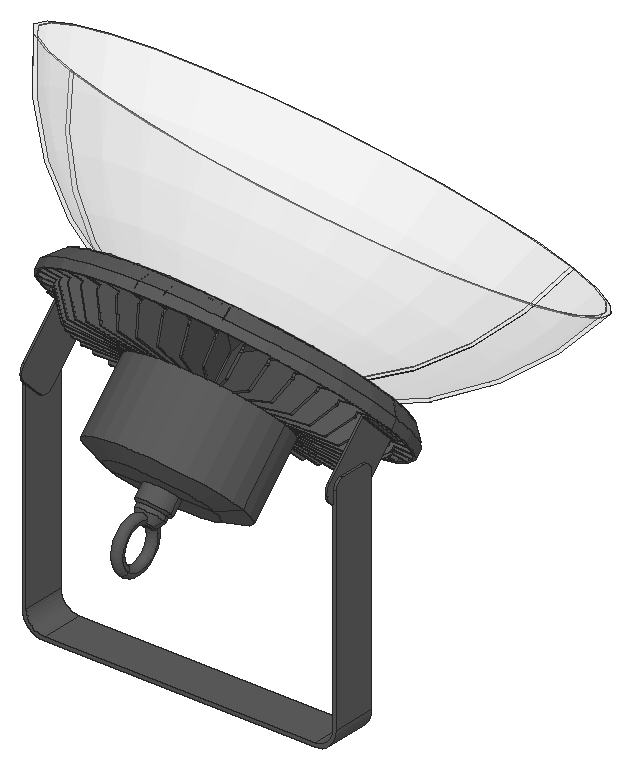
Revit family "0039350+0039353+0039358 Feilo Sylvania Lighting Fixture START HIGHBAY 6K 13KLM WIDE with BRACKET and PC LAMPSHADE TRANSPARENT", category Lighting Fixtures, host Face, Revit 2017
Family settings
  Host = Face
  Round Connector Dimension = Use Diameter
  Part Type = Normal
  OmniClass Number = 23.80.70.00
  OmniClass Title = Lighting
  Cut with Voids When Loaded = No
  Light Source = No
  Shared = No
  Room Calculation Point = No
Parameters (values of type "0039350+0039353+0039358 START HIGHBAY 6K 13KLM WIDE with BRACKET and PC LAMPSHADE TRANSPARENT ")
  Weight = "3.0 kg"
  Wattage Comments = ""
  WarrantyStartDate [instance] = "n/a"
  WarrantyGuarantorParts = "n/a"
  WarrantyDurationUnit = "n/a"
  WarrantyDurationParts = "n/a"
  WarrantyDescription = "n/a"
  Voltage = 230 V
  URL = "http://www.sylvania-lighting.com"
  TypeName = "START HIGHBAY 6K 13KLM WIDE with BRACKET and PC LAMPSHADE TRANSPARENT"
  TypeHead_FEILO = Start LED Highbay Head : 0039350+0039353+0039358 START HIGHBAY 6K 13KLM WIDE with BRACKET and PC LAMPSHADE TRANSPARENT 
  Type Image = <None>
  Type Comments = "n/a"
  TiltAngle_FEILO [instance] = 45.00°
  ThicknessBracketPlate_FEILO = 3 mm
  SizeBracketS_FEILO = yes
  SizeBracketM_FEILO = no
  SerialNumber [instance] = "n/a"
  RadiusBracketTop_FEILO = 7 mm
  RadiusBendOut_FEILO = if(SizeBracketS_FEILO, 18 mm, if(SizeBracketM_FEILO, 24 mm, 28 mm))  # 18 mm
  RadiusBendIn_FEILO = RadiusBendOut_FEILO - ThicknessBracketPlate_FEILO  # 15 mm
  Material_3_FEILO = none
  PowerFactor = 0.95
  PowerConsumption = "100 W"
  NominalLength = 270 mm
  NominalHeight = 170 mm
  NominalDepth = 270 mm
  Name = "START HIGHBAY 6K 13KLM WIDE with BRACKET and PC LAMPSHADE TRANSPARENT"
  ModelReference = Name  # "START HIGHBAY 6K 13KLM WIDE with BRACKET and PC LAMPSHADE TRANSPARENT"
  ModelNumber = "0039350+0039353+0039358"
  Model = Name  # "START HIGHBAY 6K 13KLM WIDE with BRACKET and PC LAMPSHADE TRANSPARENT"
  Material = "aluminium alloy housing, polycarbonate diffuser"
  ManufacturerName = "Feilo Sylvania"
  Manufacturer = "Feilo Sylvania"
  LuminousEfficacy = "130 lm/W"
  LuminaireType = ""
  LightOutputRatio = "n/a"
  LampsType = Lamp  # "LED"
  LampNominalLuminous = "13000 lm"
  LampMacAdamStep = "n/a"
  LampColourTemperature = "6500 K"
  LampColourRenderingIndex = "80"
  Lamp = "LED"
  Keynote = "16500"
  InstallationDate [instance] = "n/a"
  InputVoltage = "220-240V~"
  InputNominalFrequency = "50/60 Hz"
  IngressProtection = "IP65"
  ImpactProtectionIndex = "IK08"
  IfcExportType = "IfcLightFixtureType"
  IfcExportAs = "IfcLightFixtureType"
  ExpectedLife = 50000
  EndAngle_FEILO [instance] = TiltAngle_FEILO + 180.00°  # 225.00°
  ElectricShockClassification = "Class I"
  DurationUnit = "hours"
  DocumentationLiterature = "http://www.sylvania-lighting.com/product/en-int/products/0039350"
  DimmingControlOptions = "n/a"
  Material_2_FEILO = none
  Description = "START HIGHBAY, includes 1 m cables, black aluminium housing, 13000LM, 100W, 130lm/W, 6500K, Driver current: 2140mA, CR80, 60° beam angle, 1-10V dimmable,  IP65, IK08, 50,000 hrs (L70B50), (LxWxH) 270x270x170mm"
  Default Elevation = 1219.2 mm
  CreatedOn = "2/28/2018"
  CreatedBy = ""
  Cost = 0
  built-in parameter 1114216 [instance] = (empty or 0)
  ClassificationValue = "EF_70_80"
  ClassificationName = "Uniclass2015"
  Material_1_FEILO = Body-Sylvania-StartHighbay-Black
  BracketHeight_FEILO = if(SizeBracketS_FEILO, 199.5 mm, if(SizeBracketM_FEILO, 209.6 mm, 201.3 mm))  # 199.5 mm
  BracketDistanceInner_FEILO = if(SizeBracketS_FEILO, 249.4 mm, if(SizeBracketM_FEILO, 273.6 mm, 313.2 mm))  # 249.4 mm
  BarCode [instance] = "n/a"
  AssetType = "Fixed"
  AssetIdentifier [instance] = "n/a"
  Assembly Code = "D5020200"
  Apparent Load = 100 VA
  Material_4_FEILO = none
Reference planes
  plane 1 "Center (Front/Back)": y = 0
  plane 2: z = 0
  plane 3 "Center (Left/Right)": x = 0
  plane 4: x = -127.7
  plane 5: x = 127.7
  plane 6: z = 199.5
  plane 7: x = -124.7
  plane 8: z = 3
  plane 9: x = 124.7
  plane 10: y = 17.5
  plane 11: y = -17.5
  plane 12: y = -19.5
  plane 13: z = 201.5
  plane 14: y = 19.5
  plane 15: z = 190.5
Forms (mm)
  Extrusion 1, solid, material "Body-Sylvania-StartHighbay-Black" <- "Material_1_FEILO"
    sketch origin (0, 0, 0) x (1, 0, 0) y (0, 0, 1)
      loop
        line (-127.7, 199.5) -> (-127.7, 18)
        arc (-127.7, 18) -> (-122.428, 5.272) -> (-109.7, 0) r 18
        line (-109.7, 0) -> (109.7, 0)
        arc (109.7, 0) -> (122.428, 5.272) -> (127.7, 18) r 18
        line (127.7, 18) -> (127.7, 199.5) -> (124.7, 199.5) -> (124.7, 18)
        arc (124.7, 18) -> (120.307, 7.393) -> (109.7, 3) r 15
        line (109.7, 3) -> (-109.7, 3)
        arc (-109.7, 3) -> (-120.307, 7.393) -> (-124.7, 18) r 15
        line (-124.7, 18) -> (-124.7, 199.5) -> (-127.7, 199.5)
    from -17.5 to 17.5
  Extrusion 2, void
    sketch origin (0, 0, 0) x (0, 1, 0) y (0, 0, 1)
      loop
        arc (10.5, 199.5) -> (15.45, 197.45) -> (17.5, 192.5) r 7
        line (17.5, 192.5) -> (19.5, 192.5) -> (19.5, 201.5) -> (-19.5, 201.5) -> (-19.5, 192.5) -> (-17.5, 192.5)
        arc (-17.5, 192.5) -> (-15.45, 197.45) -> (-10.5, 199.5) r 7
        line (-10.5, 199.5) -> (10.5, 199.5)
    from -127.7 to 127.7
  Revolve 3, solid, not visible
    sketch origin (1223.4, -4572, 190.5) x (0, -1, 0) y (1, 0, 0)
      loop
        line (-4572, -1223.4) -> (-4591.5, -1223.4) -> (-4591.5, -1277.783) -> (-4572, -1277.783) -> (-4572, -1223.4)
      axis (-4572, -1223.4) -> (-4572, -1277.783)
    angle from 45 <- "TiltAngle_FEILO" to 225 <- "EndAngle_FEILO"
Cuts and joins
  Extrusion 2 cuts Extrusion 1
Dimensions and locks
  "BracketHeight_FEILO": plane 6 to plane 2
  equal spacing: plane 11, plane 1 "Center (Front/Back)", plane 10
  locked: plane 11 to plane 10 at 35
  equal spacing: plane 9, plane 3 "Center (Left/Right)", plane 7
  "BracketDistanceInner_FEILO": plane 9 to plane 7
  "ThicknessBracketPlate_FEILO": plane 7 to plane 4
  "ThicknessBracketPlate_FEILO": plane 8 to plane 2
  equal spacing: plane 5, plane 3 "Center (Left/Right)", plane 4
  equal spacing: plane 12, plane 1 "Center (Front/Back)", plane 14
  locked: plane 6 to plane 13 at 2
  locked: plane 12 to plane 11 at 2
  locked: plane 6 to plane 15 at 9
  "RadiusBendOut_FEILO": radius of Extrusion 1 sketch curve  (x2)
  "RadiusBendIn_FEILO": radius of Extrusion 1 sketch curve  (x2)
  "RadiusBracketTop_FEILO": radius of Extrusion 2 sketch curve  (x2)
  aligned and locked: plane 2 to host face
  aligned and locked: level to host face
  aligned and locked: Extrusion 1 sketch curve to plane 4
  aligned and locked: Extrusion 1 sketch curve to level
  aligned and locked: plane 6 to Extrusion 1 sketch curve
  aligned and locked: Extrusion 1 sketch curve to plane 6
  aligned and locked: Extrusion 1 sketch curve to plane 7
  aligned and locked: plane 9 to Extrusion 1 sketch curve
  aligned and locked: plane 8 to Extrusion 1 sketch curve
  aligned and locked: Extrusion 1 to plane 10
  aligned and locked: plane 11 to Extrusion 1
  aligned and locked: Extrusion 1 to Extrusion 2 sketch curve
  aligned and locked: plane 14 to Extrusion 2 sketch curve  (x2)
  aligned and locked: Extrusion 2 sketch curve to plane 12
  aligned and locked: plane 13 to Extrusion 2 sketch curve
  aligned and locked: plane 5 to Extrusion 2
  aligned and locked: Extrusion 2 to plane 4
  aligned and locked: Revolve 3 sketch curve to plane 1 "Center (Front/Back)"
  aligned and locked: Revolve 3 sketch curve to Revolve 3 sketch curve
  aligned and locked: plane 3 "Center (Left/Right)" to Revolve 3 sketch curve
  aligned and locked: Revolve 3 sketch curve to plane 14
  aligned and locked: nested 1 to plane 3 "Center (Left/Right)"
Automatic sketch dimensions
  host sketch curve to host sketch curve = 2438.4 mm  (x2)
  Revolve 3 sketch curve to Revolve 3 sketch curve = 54.383 mm
  Revolve 3 sketch curve to plane 4 = 1396.3 mm
  plane 5 to Revolve 3 sketch curve = 1396.3 mm
  Extrusion 1 sketch curve to Extrusion 1 sketch curve = 0 mm
  Extrusion 2 sketch curve to plane 11 = 0 mm
  Extrusion 2 sketch curve to plane 10 = 0 mm
Nested families
  nested 1: "Start LED Highbay Head" at (0, 0, 190.5) x (-1, 0, 0) z (0, 0.7071, 0.7071), type <- "TypeHead_FEILO", type "0039350+0039353+0039358 START HIGHBAY 6K 13KLM WIDE with BRACKET and PC LAMPSHADE TRANSPARENT "
    with built-in parameter 1114216 (empty or 0)
Connectors
  electrical at (0, 0, 0), driven by "Apparent Load", driven by "PowerFactor", driven by "Voltage"
    settings: index 1, voltage 230 V, apparent load 100 VA, apparent load phase1 0 VA, apparent load phase2 0 VA, apparent load phase3 0 VA, power factor 0.95, load classification "Lighting", number of poles 1, system type 30, power factor state 1, is connector primary yes, connector utility no, sub classification motor no, connector description ""
Definition of nested family "Start LED Highbay Head"
  Parameters (values of type "0039351+0039354+0039358 START HIGHBAY 6K 19KLM WIDE with BRACKET and PC LAMPSHADE TRANSPARENT ")
    X_FEILO = if(SizeS_FEILO, 60.3 mm, if(SizeM_FEILO, 70.4 mm, 83.5 mm))  # 70.4 mm
    WidthStraight_FEILO = if(SizeS_FEILO, 3 mm, if(SizeM_FEILO, 4 mm, 4.7 mm))  # 4 mm
    WidthRingChamfer_FEILO = if(SizeS_FEILO, 10.3 mm, if(SizeM_FEILO, 11.2 mm, 12.9 mm))  # 11.2 mm
    WidthCurved_FEILO = if(SizeS_FEILO, 17.4 mm, if(SizeM_FEILO, 16.4 mm, 26.2 mm))  # 16.4 mm
    WidthCurvedRing_FEILO = if(SizeS_FEILO, 3 mm, if(SizeM_FEILO, 4 mm, 4.7 mm))  # 4 mm
    WidthBracket_FEILO = 40 mm
    Wattage Comments = ""
    Wattage = 150 W
    built-in parameter 1150110 = 1 (stored number, unit not read)
    URL = "http://www.feilosylvania.com"
    Type Image = (empty or 0)
    Type Comments = "n/a"
    built-in parameter 1114217 = 1 (stored number, unit not read)
    Tilt Angle = -90.00°
    ThicknessWall_FEILO = 1.5 mm
    ThicknessBracket_FEILO = 1.5 mm
    ThicknessBracketHalf_FEILO = ThicknessBracket_FEILO / 2  # 0.75 mm
    built-in parameter 1150109 = 1 (stored number, unit not read)
    built-in parameter 1150134 = 1
    built-in parameter 1150113 = 1 (stored number, unit not read)
    SizeS_FEILO = no
    SizeM_FEILO = yes
    ShadeThickness_FEILO = 3 mm
    ShadeSizeSM_FEILO = or(SizeS_FEILO, SizeM_FEILO)  # yes
    ShadeRadiusOut_FEILO = 205 mm
    ShadeRadiusIn_FEILO = if(ShadeSizeSM_FEILO, 95 mm, 121 mm)  # 95 mm
    ShadeRadiusBend_FEILO = if(ShadeSizeSM_FEILO, 210 mm, 210 mm)  # 210 mm
    ShadeOn_FEILO = yes
    ShadeHeight_FEILO = if(ShadeSizeSM_FEILO, 120 mm, 151 mm)  # 120 mm
    Rib4_FEILO = if(SizeS_FEILO, 18.1 mm, if(SizeM_FEILO, 13.6 mm, 14.6 mm))  # 13.6 mm
    Rib3_FEILO = if(SizeS_FEILO, 15.3 mm, if(SizeM_FEILO, 17.6 mm, 20.2 mm))  # 17.6 mm
    Rib2_FEILO = if(SizeS_FEILO, 3.6 mm, if(SizeM_FEILO, 3.9 mm, 4.5 mm))  # 3.9 mm
    Rib1_FEILO = if(SizeS_FEILO, 15.1 mm, if(SizeM_FEILO, 16.5 mm, 19 mm))  # 16.5 mm
    RadiusDiffuser_FEILO = if(SizeS_FEILO, 95.2 mm, if(SizeM_FEILO, 105.3 mm, 120 mm))  # 105.3 mm
    RadiusArrayPost_FEILO = DriverRadius_FEILO - 6 mm  # 61.2 mm
    RHRadius3_FEILO = if(SizeS_FEILO, 6.6 mm, if(SizeM_FEILO, 7.4 mm, 8.6 mm))  # 7.4 mm
    RHRadius2_FEILO = if(SizeS_FEILO, 11 mm, if(SizeM_FEILO, 12 mm, 14 mm))  # 12 mm
    RHRadius1_FEILO = if(SizeS_FEILO, 13.6 mm, if(SizeM_FEILO, 14.9 mm, 17.7 mm))  # 14.9 mm
    RHHeight4_FEILO = if(SizeS_FEILO, 7.3 mm, if(SizeM_FEILO, 8 mm, 9.2 mm))  # 8 mm
    RHHeight3_FEILO = if(SizeS_FEILO, 3.6 mm, if(SizeM_FEILO, 3.7 mm, 4.6 mm))  # 3.7 mm
    RHHeight2_FEILO = if(SizeS_FEILO, 2 mm, if(SizeM_FEILO, 2.2 mm, 2.6 mm))  # 2.2 mm
    RHHeight1_FEILO = if(SizeS_FEILO, 11.8 mm, if(SizeM_FEILO, 15.3 mm, 17.4 mm))  # 15.3 mm
    Photometric Web File = "0039351+0039358.ies"
    Material_5_FEILO = none
    Material_3_FEILO = none
    Model = "START HIGHBAY 6K 19KLM WIDE with BRACKET and PC LAMPSHADE TRANSPARENT"
    Manufacturer = "Feilo Sylvania"
    built-in parameter 1150105 = 10854.2 (stored number, unit not read)
    Lumens = 19500 lm
    built-in parameter 1150115 = 1 (stored number, unit not read)
    built-in parameter 1150137 = (empty or 0)
    built-in parameter 1150139 = (empty or 0)
    built-in parameter 1150112 = 1 (stored number, unit not read)
    built-in parameter 1150114 = 1 (stored number, unit not read)
    Lamp = "LED"
    Keynote = "16500"
    built-in parameter 1150132 = (empty or 0)
    built-in parameter 1150102 = (empty or 0)
    built-in parameter 1150107 = 6500 (stored number, unit not read)
    built-in parameter 1150138 = (empty or 0)
    built-in parameter 1150106 = 108.54 (stored number, unit not read)
    HeightRing_FEILO = if(SizeS_FEILO, 19.8 mm, if(SizeM_FEILO, 32 mm, 36.8 mm))  # 32 mm
    HeightRingChamfer_FEILO = if(SizeS_FEILO, 11.7 mm, if(SizeM_FEILO, 23.2 mm, 26.6 mm))  # 23.2 mm
    EyeThickness_FEILO = if(SizeS_FEILO, 8.4 mm, if(SizeM_FEILO, 9.2 mm, 10.5 mm))  # 9.2 mm
    EyeThicknessHalf_FEILO = EyeThickness_FEILO / 2  # 4.6 mm
    EyeInner_FEILO = if(SizeS_FEILO, 13.8 mm, if(SizeM_FEILO, 15.1 mm, 17.3 mm))  # 15.1 mm
    Emit from Circle Diameter = RadiusDiffuser_FEILO * 2  # 210.6 mm
    Emit Shape Visible in Rendering = no
    built-in parameter 1150104 = 12.077 (stored number, unit not read)
    DriverVerticalStraight_FEILO = if(SizeS_FEILO, 46.5 mm, if(SizeM_FEILO, 49.7 mm, 57 mm))  # 49.7 mm
    DriverVerticalChamfer_FEILO = if(SizeS_FEILO, 7.5 mm, if(SizeM_FEILO, 8.2 mm, 9.5 mm))  # 8.2 mm
    DriverRadius_FEILO = if(SizeS_FEILO, 61.4 mm, if(SizeM_FEILO, 67.2 mm, 76.4 mm))  # 67.2 mm
    DriverRadiusTop_FEILO = if(SizeS_FEILO, 42 mm, if(SizeM_FEILO, 45.3 mm, 52.4 mm))  # 45.3 mm
    DriverBottom_FEILO = if(SizeS_FEILO, 56 mm, if(SizeM_FEILO, 64.5 mm, 74 mm))  # 64.5 mm
    Material_2_FEILO = none
    Radius_FEILO = if(SizeS_FEILO, 135 mm, if(SizeM_FEILO, 148 mm, 169.5 mm))  # 148 mm
    Dimming Lamp Color Temperature Shift = (empty or 0)
    DiameterWire_FEILO = 3 mm
    DiameterWireSupport_FEILO = 10 mm
    Description = "START HIGHBAY, includes 1 m cables, black aluminium housing, 19500LM, 150W, 130lm/W, 6500K, Driver current: 2140mA, CR80, 60° beam angle, 1-10V dimmable,  IP65, IK08, 50,000 hrs (L70B50), (LxWxH) 296x296x177mm"
    Default Elevation = 1219.2 mm
    Cost = 0
    Color Filter = 16777215
    built-in parameter 1114216 [instance] = (empty or 0)
    Material_1_FEILO = none
    built-in parameter 1114218 = 1 (stored number, unit not read)
    built-in parameter 1150133 = 10 (stored number, unit not read)
    Assembly Code = "D5020200"
    Apparent Load = 150 VA
    Material_4_FEILO = none
  Types (36, lengths in mm): name | X_FEILO | WidthStraight_FEILO | WidthRingChamfer_FEILO | WidthCurved_FEILO | WidthCurvedRing_FEILO | Wattage | built-in parameter 1150134 | SizeS_FEILO | SizeM_FEILO | ShadeSizeSM_FEILO | ShadeRadiusIn_FEILO | ShadeOn_FEILO | ShadeHeight_FEILO | Rib4_FEILO | Rib3_FEILO | Rib2_FEILO | Rib1_FEILO | RadiusDiffuser_FEILO | RadiusArrayPost_FEILO | RHRadius3_FEILO | RHRadius2_FEILO | RHRadius1_FEILO | RHHeight4_FEILO | RHHeight3_FEILO | RHHeight2_FEILO | RHHeight1_FEILO | Photometric Web File | Model | built-in parameter 1150105 | Lumens | built-in parameter 1150107 | built-in parameter 1150106 | HeightRing_FEILO | HeightRingChamfer_FEILO | EyeThickness_FEILO | EyeThicknessHalf_FEILO | EyeInner_FEILO | Emit from Circle Diameter | DriverVerticalStraight_FEILO | DriverVerticalChamfer_FEILO | DriverRadius_FEILO | DriverRadiusTop_FEILO | DriverBottom_FEILO | Radius_FEILO | Description | Apparent Load
    0039352+0039355+0039361 START HIGHBAY 6K 26KLM WIDE with BRACKET and PC LAMPSHADE TRANSPARENT | 83.5 | 4.7 | 12.9 | 26.2 | 4.7 | 200 W | 1 | no | no | no | 121 | yes | 151 | 14.6 | 20.2 | 4.5 | 19 | 120 | 70.4 | 8.6 | 14 | 17.7 | 9.2 | 4.6 | 2.6 | 17.4 | "0039352+0039361.ies" | "START HIGHBAY 6K 26KLM WIDE with BRACKET and PC LAMPSHADE TRANSPARENT" | 17911 (stored number, unit not read) | 26000 lm | 6500 (stored number, unit not read) | 179.11 (stored number, unit not read) | 36.8 | 26.6 | 10.5 | 5.25 | 17.3 | 240 | 57 | 9.5 | 76.4 | 52.4 | 74 | 169.5 | "START HIGHBAY, includes 1 m cables, black aluminium housing, 26000LM, 200W, 130lm/W, 6500K, Driver current: 5000mA, CR80, 60° beam angle, 1-10V dimmable,  IP65, IK08, 50,000 hrs (L70B50), (LxWxH) 339x339x194mm" | 200 VA
    0039352+0039355+0039360 START HIGHBAY 6K 26KLM WIDE with BRACKET and ALU SHADE BLACK COLOR | 83.5 | 4.7 | 12.9 | 26.2 | 4.7 | 200 W | 1 | no | no | no | 121 | yes | 151 | 14.6 | 20.2 | 4.5 | 19 | 120 | 70.4 | 8.6 | 14 | 17.7 | 9.2 | 4.6 | 2.6 | 17.4 | "0039352+0039360.ies" | "START HIGHBAY 6K 26KLM WIDE with BRACKET and ALU SHADE BLACK COLOR" | 14870 (stored number, unit not read) | 26000 lm | 6500 (stored number, unit not read) | 148.7 (stored number, unit not read) | 36.8 | 26.6 | 10.5 | 5.25 | 17.3 | 240 | 57 | 9.5 | 76.4 | 52.4 | 74 | 169.5 | "START HIGHBAY, includes 1 m cables, black aluminium housing, 26000LM, 200W, 130lm/W, 6500K, Driver current: 5000mA, CR80, 60° beam angle, 1-10V dimmable,  IP65, IK08, 50,000 hrs (L70B50), (LxWxH) 339x339x194mm" | 200 VA
    0039352+0039355+0039359 START HIGHBAY 6K 26KLM WIDE with BRACKET and ALU SHADE ALU COLOR | 83.5 | 4.7 | 12.9 | 26.2 | 4.7 | 200 W | 1 | no | no | no | 121 | yes | 151 | 14.6 | 20.2 | 4.5 | 19 | 120 | 70.4 | 8.6 | 14 | 17.7 | 9.2 | 4.6 | 2.6 | 17.4 | "0039352+0039359.ies" | "START HIGHBAY 6K 26KLM WIDE with BRACKET and ALU SHADE ALU COLOR" | 14870 (stored number, unit not read) | 26000 lm | 6500 (stored number, unit not read) | 148.7 (stored number, unit not read) | 36.8 | 26.6 | 10.5 | 5.25 | 17.3 | 240 | 57 | 9.5 | 76.4 | 52.4 | 74 | 169.5 | "START HIGHBAY, includes 1 m cables, black aluminium housing, 26000LM, 200W, 130lm/W, 6500K, Driver current: 5000mA, CR80, 60° beam angle, 1-10V dimmable,  IP65, IK08, 50,000 hrs (L70B50), (LxWxH) 339x339x194mm" | 200 VA
    0039352+0039355 START HIGHBAY 6K 26KLM WIDE with BRACKET | 83.5 | 4.7 | 12.9 | 26.2 | 4.7 | 200 W | 1 | no | no | no | 121 | no | 151 | 14.6 | 20.2 | 4.5 | 19 | 120 | 70.4 | 8.6 | 14 | 17.7 | 9.2 | 4.6 | 2.6 | 17.4 | "0039352.ies" | "START HIGHBAY 6K 26KLM WIDE with BRACKET" | 13836.2 (stored number, unit not read) | 26000 lm | 6500 (stored number, unit not read) | 138.36 (stored number, unit not read) | 36.8 | 26.6 | 10.5 | 5.25 | 17.3 | 240 | 57 | 9.5 | 76.4 | 52.4 | 74 | 169.5 | "START HIGHBAY, includes 1 m cables, black aluminium housing, 26000LM, 200W, 130lm/W, 6500K, Driver current: 5000mA, CR80, 60° beam angle, 1-10V dimmable,  IP65, IK08, 50,000 hrs (L70B50), (LxWxH) 339x339x194mm" | 200 VA
    0039351+0039354+0039358 START HIGHBAY 6K 19KLM WIDE with BRACKET and PC LAMPSHADE TRANSPARENT | 70.4 | 4 | 11.2 | 16.4 | 4 | 150 W | 1 | no | yes | yes | 95 | yes | 120 | 13.6 | 17.6 | 3.9 | 16.5 | 105.3 | 61.2 | 7.4 | 12 | 14.9 | 8 | 3.7 | 2.2 | 15.3 | "0039351+0039358.ies" | "START HIGHBAY 6K 19KLM WIDE with BRACKET and PC LAMPSHADE TRANSPARENT" | 10854.2 (stored number, unit not read) | 19500 lm | 6500 (stored number, unit not read) | 108.54 (stored number, unit not read) | 32 | 23.2 | 9.2 | 4.6 | 15.1 | 210.6 | 49.7 | 8.2 | 67.2 | 45.3 | 64.5 | 148 | "START HIGHBAY, includes 1 m cables, black aluminium housing, 19500LM, 150W, 130lm/W, 6500K, Driver current: 2140mA, CR80, 60° beam angle, 1-10V dimmable,  IP65, IK08, 50,000 hrs (L70B50), (LxWxH) 296x296x177mm" | 150 VA
    0039351+0039354+0039357 START HIGHBAY 6K 19KLM WIDE with BRACKET and ALU SHADE BLACK COLOR | 70.4 | 4 | 11.2 | 16.4 | 4 | 150 W | 1 | no | yes | yes | 95 | yes | 120 | 13.6 | 17.6 | 3.9 | 16.5 | 105.3 | 61.2 | 7.4 | 12 | 14.9 | 8 | 3.7 | 2.2 | 15.3 | "0039351+0039357.ies" | "START HIGHBAY 6K 19KLM WIDE with BRACKET and ALU SHADE BLACK COLOR" | 11152.5 (stored number, unit not read) | 19500 lm | 6500 (stored number, unit not read) | 111.52 (stored number, unit not read) | 32 | 23.2 | 9.2 | 4.6 | 15.1 | 210.6 | 49.7 | 8.2 | 67.2 | 45.3 | 64.5 | 148 | "START HIGHBAY, includes 1 m cables, black aluminium housing, 19500LM, 150W, 130lm/W, 6500K, Driver current: 2140mA, CR80, 60° beam angle, 1-10V dimmable,  IP65, IK08, 50,000 hrs (L70B50), (LxWxH) 296x296x177mm" | 150 VA
    0039351+0039354+0039356 START HIGHBAY 6K 19KLM WIDE with BRACKET and ALU SHADE ALU COLOR | 70.4 | 4 | 11.2 | 16.4 | 4 | 150 W | 1 | no | yes | yes | 95 | yes | 120 | 13.6 | 17.6 | 3.9 | 16.5 | 105.3 | 61.2 | 7.4 | 12 | 14.9 | 8 | 3.7 | 2.2 | 15.3 | "0039351+0039356.ies" | "START HIGHBAY 6K 19KLM WIDE with BRACKET and ALU SHADE ALU COLOR" | 11152.5 (stored number, unit not read) | 19500 lm | 6500 (stored number, unit not read) | 111.52 (stored number, unit not read) | 32 | 23.2 | 9.2 | 4.6 | 15.1 | 210.6 | 49.7 | 8.2 | 67.2 | 45.3 | 64.5 | 148 | "START HIGHBAY, includes 1 m cables, black aluminium housing, 19500LM, 150W, 130lm/W, 6500K, Driver current: 2140mA, CR80, 60° beam angle, 1-10V dimmable,  IP65, IK08, 50,000 hrs (L70B50), (LxWxH) 296x296x177mm" | 150 VA
    0039351+0039354 START HIGHBAY 6K 19KLM WIDE with BRACKET | 70.4 | 4 | 11.2 | 16.4 | 4 | 150 W | 1 | no | yes | yes | 95 | no | 120 | 13.6 | 17.6 | 3.9 | 16.5 | 105.3 | 61.2 | 7.4 | 12 | 14.9 | 8 | 3.7 | 2.2 | 15.3 | "0039351.ies" | "START HIGHBAY 6K 19KLM WIDE with BRACKET" | 10377.1 (stored number, unit not read) | 19500 lm | 6500 (stored number, unit not read) | 103.77 (stored number, unit not read) | 32 | 23.2 | 9.2 | 4.6 | 15.1 | 210.6 | 49.7 | 8.2 | 67.2 | 45.3 | 64.5 | 148 | "START HIGHBAY, includes 1 m cables, black aluminium housing, 19500LM, 150W, 130lm/W, 6500K, Driver current: 2140mA, CR80, 60° beam angle, 1-10V dimmable,  IP65, IK08, 50,000 hrs (L70B50), (LxWxH) 296x296x177mm" | 150 VA
    0039350+0039353+0039358 START HIGHBAY 6K 13KLM WIDE with BRACKET and PC LAMPSHADE TRANSPARENT | 60.3 | 3 | 10.3 | 17.4 | 3 | 100 W | 1 | yes | no | yes | 95 | yes | 120 | 18.1 | 15.3 | 3.6 | 15.1 | 95.2 | 55.4 | 6.6 | 11 | 13.6 | 7.3 | 3.6 | 2 | 11.8 | "0039350+0039358.ies" | "START HIGHBAY 6K 13KLM WIDE with BRACKET and PC LAMPSHADE TRANSPARENT" | 7236.1 (stored number, unit not read) | 13000 lm | 6500 (stored number, unit not read) | 72.361 (stored number, unit not read) | 19.8 | 11.7 | 8.4 | 4.2 | 13.8 | 190.4 | 46.5 | 7.5 | 61.4 | 42 | 56 | 135 | "START HIGHBAY, includes 1 m cables, black aluminium housing, 13000LM, 100W, 130lm/W, 6500K, Driver current: 2140mA, CR80, 60° beam angle, 1-10V dimmable,  IP65, IK08, 50,000 hrs (L70B50), (LxWxH) 270x270x170mm" | 100 VA
    0039350+0039353+0039357 START HIGHBAY 6K 13KLM WIDE with BRACKET and ALU SHADE BLACK COLOR | 60.3 | 3 | 10.3 | 17.4 | 3 | 100 W | 1 | yes | no | yes | 95 | yes | 120 | 18.1 | 15.3 | 3.6 | 15.1 | 95.2 | 55.4 | 6.6 | 11 | 13.6 | 7.3 | 3.6 | 2 | 11.8 | "0039350+0039357.ies" | "START HIGHBAY 6K 13KLM WIDE with BRACKET and ALU SHADE BLACK COLOR" | 7435 (stored number, unit not read) | 13000 lm | 6500 (stored number, unit not read) | 74.35 (stored number, unit not read) | 19.8 | 11.7 | 8.4 | 4.2 | 13.8 | 190.4 | 46.5 | 7.5 | 61.4 | 42 | 56 | 135 | "START HIGHBAY, includes 1 m cables, black aluminium housing, 13000LM, 100W, 130lm/W, 6500K, Driver current: 2140mA, CR80, 60° beam angle, 1-10V dimmable,  IP65, IK08, 50,000 hrs (L70B50), (LxWxH) 270x270x170mm" | 100 VA
    0039350+0039353+0039356 START HIGHBAY 6K 13KLM WIDE with BRACKET and ALU SHADE ALU COLOR | 60.3 | 3 | 10.3 | 17.4 | 3 | 100 W | 1 | yes | no | yes | 95 | yes | 120 | 18.1 | 15.3 | 3.6 | 15.1 | 95.2 | 55.4 | 6.6 | 11 | 13.6 | 7.3 | 3.6 | 2 | 11.8 | "0039350+0039356.ies" | "START HIGHBAY 6K 13KLM WIDE with BRACKET and ALU SHADE ALU COLOR" | 7435 (stored number, unit not read) | 13000 lm | 6500 (stored number, unit not read) | 74.35 (stored number, unit not read) | 19.8 | 11.7 | 8.4 | 4.2 | 13.8 | 190.4 | 46.5 | 7.5 | 61.4 | 42 | 56 | 135 | "START HIGHBAY, includes 1 m cables, black aluminium housing, 13000LM, 100W, 130lm/W, 6500K, Driver current: 2140mA, CR80, 60° beam angle, 1-10V dimmable,  IP65, IK08, 50,000 hrs (L70B50), (LxWxH) 270x270x170mm" | 100 VA
    0039350+0039353 START HIGHBAY 6K 13KLM WIDE with BRACKET | 60.3 | 3 | 10.3 | 17.4 | 3 | 100 W | 1 | yes | no | yes | 95 | no | 120 | 18.1 | 15.3 | 3.6 | 15.1 | 95.2 | 55.4 | 6.6 | 11 | 13.6 | 7.3 | 3.6 | 2 | 11.8 | "0039350.ies" | "START HIGHBAY 6K 13KLM WIDE with BRACKET" | 6918.1 (stored number, unit not read) | 13000 lm | 6500 (stored number, unit not read) | 69.181 (stored number, unit not read) | 19.8 | 11.7 | 8.4 | 4.2 | 13.8 | 190.4 | 46.5 | 7.5 | 61.4 | 42 | 56 | 135 | "START HIGHBAY, includes 1 m cables, black aluminium housing, 13000LM, 100W, 130lm/W, 6500K, Driver current: 2140mA, CR80, 60° beam angle, 1-10V dimmable,  IP65, IK08, 50,000 hrs (L70B50), (LxWxH) 270x270x170mm" | 100 VA
    0039349+0039355+0039361 START HIGHBAY 4K 26KLM WIDE with BRACKET and PC LAMPSHADE TRANSPARENT FOR | 83.5 | 4.7 | 12.9 | 26.2 | 4.7 | 200 W | 12 | no | no | no | 121 | yes | 151 | 14.6 | 20.2 | 4.5 | 19 | 120 | 70.4 | 8.6 | 14 | 17.7 | 9.2 | 4.6 | 2.6 | 17.4 | "0039349+0039361.ies" | "START HIGHBAY 4K 26KLM WIDE with BRACKET and PC LAMPSHADE TRANSPARENT FOR" | 17911 (stored number, unit not read) | 26000 lm | 4000 (stored number, unit not read) | 179.11 (stored number, unit not read) | 36.8 | 26.6 | 10.5 | 5.25 | 17.3 | 240 | 57 | 9.5 | 76.4 | 52.4 | 74 | 169.5 | "START HIGHBAY, includes 1 m cables, black aluminium housing, 26000LM, 200W, 130lm/W, 4000K, Driver current: 5000mA, CR80, 90° beam angle, 1-10V dimmable,  IP65, IK08, 50,000 hrs (L70B50), (LxWxH) 339x339x194mm" | 200 VA
    0039349+0039355+0039360 START HIGHBAY 4K 26KLM WIDE with BRACKET and ALU SHADE BLACK COLOR | 83.5 | 4.7 | 12.9 | 26.2 | 4.7 | 200 W | 12 | no | no | no | 121 | yes | 151 | 14.6 | 20.2 | 4.5 | 19 | 120 | 70.4 | 8.6 | 14 | 17.7 | 9.2 | 4.6 | 2.6 | 17.4 | "0039349+0039360.ies" | "START HIGHBAY 4K 26KLM WIDE with BRACKET and ALU SHADE BLACK COLOR" | 14870 (stored number, unit not read) | 26000 lm | 4000 (stored number, unit not read) | 148.7 (stored number, unit not read) | 36.8 | 26.6 | 10.5 | 5.25 | 17.3 | 240 | 57 | 9.5 | 76.4 | 52.4 | 74 | 169.5 | "START HIGHBAY, includes 1 m cables, black aluminium housing, 26000LM, 200W, 130lm/W, 4000K, Driver current: 5000mA, CR80, 90° beam angle, 1-10V dimmable,  IP65, IK08, 50,000 hrs (L70B50), (LxWxH) 339x339x194mm" | 200 VA
    0039349+0039355+0039359 START HIGHBAY 4K 26KLM WIDE with BRACKET and ALU SHADE ALU COLOR | 83.5 | 4.7 | 12.9 | 26.2 | 4.7 | 200 W | 12 | no | no | no | 121 | yes | 151 | 14.6 | 20.2 | 4.5 | 19 | 120 | 70.4 | 8.6 | 14 | 17.7 | 9.2 | 4.6 | 2.6 | 17.4 | "0039349+0039359.ies" | "START HIGHBAY 4K 26KLM WIDE with BRACKET and ALU SHADE ALU COLOR" | 14870 (stored number, unit not read) | 26000 lm | 4000 (stored number, unit not read) | 148.7 (stored number, unit not read) | 36.8 | 26.6 | 10.5 | 5.25 | 17.3 | 240 | 57 | 9.5 | 76.4 | 52.4 | 74 | 169.5 | "START HIGHBAY, includes 1 m cables, black aluminium housing, 26000LM, 200W, 130lm/W, 4000K, Driver current: 5000mA, CR80, 90° beam angle, 1-10V dimmable,  IP65, IK08, 50,000 hrs (L70B50), (LxWxH) 339x339x194mm" | 200 VA
    0039349+0039355 START HIGHBAY 4K 26KLM WIDE with BRACKET | 83.5 | 4.7 | 12.9 | 26.2 | 4.7 | 200 W | 12 | no | no | no | 121 | no | 151 | 14.6 | 20.2 | 4.5 | 19 | 120 | 70.4 | 8.6 | 14 | 17.7 | 9.2 | 4.6 | 2.6 | 17.4 | "0039349.ies" | "START HIGHBAY 4K 26KLM WIDE with BRACKET" | 13836.2 (stored number, unit not read) | 26000 lm | 4000 (stored number, unit not read) | 138.36 (stored number, unit not read) | 36.8 | 26.6 | 10.5 | 5.25 | 17.3 | 240 | 57 | 9.5 | 76.4 | 52.4 | 74 | 169.5 | "START HIGHBAY, includes 1 m cables, black aluminium housing, 26000LM, 200W, 130lm/W, 4000K, Driver current: 5000mA, CR80, 90° beam angle, 1-10V dimmable,  IP65, IK08, 50,000 hrs (L70B50), (LxWxH) 339x339x194mm" | 200 VA
    0039348+0039354+0039358 START HIGHBAY 4K 19KLM WIDE with BRACKET and PC LAMPSHADE TRANSPARENT | 70.4 | 4 | 11.2 | 16.4 | 4 | 150 W | 12 | no | yes | yes | 95 | yes | 120 | 13.6 | 17.6 | 3.9 | 16.5 | 105.3 | 61.2 | 7.4 | 12 | 14.9 | 8 | 3.7 | 2.2 | 15.3 | "0039348+0039358.ies" | "START HIGHBAY 4K 19KLM WIDE with BRACKET and PC LAMPSHADE TRANSPARENT" | 10854.2 (stored number, unit not read) | 19500 lm | 4000 (stored number, unit not read) | 108.54 (stored number, unit not read) | 32 | 23.2 | 9.2 | 4.6 | 15.1 | 210.6 | 49.7 | 8.2 | 67.2 | 45.3 | 64.5 | 148 | "START HIGHBAY, includes 1 m cables, black aluminium housing, 19500LM, 150W, 130lm/W, 4000K, Driver current: 3210mA, CR80, 90° beam angle, 1-10V dimmable,  IP65, IK08, 50,000 hrs (L70B50), (LxWxH) 296x296x177mm" | 150 VA
    0039348+0039354+0039357 START HIGHBAY 4K 19KLM WIDE with BRACKET and ALU SHADE BLACK COLOR | 70.4 | 4 | 11.2 | 16.4 | 4 | 150 W | 12 | no | yes | yes | 95 | yes | 120 | 13.6 | 17.6 | 3.9 | 16.5 | 105.3 | 61.2 | 7.4 | 12 | 14.9 | 8 | 3.7 | 2.2 | 15.3 | "0039348+0039357.ies" | "START HIGHBAY 4K 19KLM WIDE with BRACKET and ALU SHADE BLACK COLOR" | 11152.5 (stored number, unit not read) | 19500 lm | 4000 (stored number, unit not read) | 111.52 (stored number, unit not read) | 32 | 23.2 | 9.2 | 4.6 | 15.1 | 210.6 | 49.7 | 8.2 | 67.2 | 45.3 | 64.5 | 148 | "START HIGHBAY, includes 1 m cables, black aluminium housing, 19500LM, 150W, 130lm/W, 4000K, Driver current: 3210mA, CR80, 90° beam angle, 1-10V dimmable,  IP65, IK08, 50,000 hrs (L70B50), (LxWxH) 296x296x177mm" | 150 VA
    0039348+0039354+0039356 START HIGHBAY 4K 19KLM WIDE with BRACKET and ALU SHADE ALU COLOR | 70.4 | 4 | 11.2 | 16.4 | 4 | 150 W | 12 | no | yes | yes | 95 | yes | 120 | 13.6 | 17.6 | 3.9 | 16.5 | 105.3 | 61.2 | 7.4 | 12 | 14.9 | 8 | 3.7 | 2.2 | 15.3 | "0039348+0039356.ies" | "START HIGHBAY 4K 19KLM WIDE with BRACKET and ALU SHADE ALU COLOR" | 11152.5 (stored number, unit not read) | 19500 lm | 4000 (stored number, unit not read) | 111.52 (stored number, unit not read) | 32 | 23.2 | 9.2 | 4.6 | 15.1 | 210.6 | 49.7 | 8.2 | 67.2 | 45.3 | 64.5 | 148 | "START HIGHBAY, includes 1 m cables, black aluminium housing, 19500LM, 150W, 130lm/W, 4000K, Driver current: 3210mA, CR80, 90° beam angle, 1-10V dimmable,  IP65, IK08, 50,000 hrs (L70B50), (LxWxH) 296x296x177mm" | 150 VA
    0039348+0039354 START HIGHBAY 4K 19KLM WIDE with BRACKET | 70.4 | 4 | 11.2 | 16.4 | 4 | 150 W | 12 | no | yes | yes | 95 | no | 120 | 13.6 | 17.6 | 3.9 | 16.5 | 105.3 | 61.2 | 7.4 | 12 | 14.9 | 8 | 3.7 | 2.2 | 15.3 | "0039348.ies" | "START HIGHBAY 4K 19KLM WIDE with BRACKET" | 10377.1 (stored number, unit not read) | 19500 lm | 4000 (stored number, unit not read) | 103.77 (stored number, unit not read) | 32 | 23.2 | 9.2 | 4.6 | 15.1 | 210.6 | 49.7 | 8.2 | 67.2 | 45.3 | 64.5 | 148 | "START HIGHBAY, includes 1 m cables, black aluminium housing, 19500LM, 150W, 130lm/W, 4000K, Driver current: 3210mA, CR80, 90° beam angle, 1-10V dimmable,  IP65, IK08, 50,000 hrs (L70B50), (LxWxH) 296x296x177mm" | 150 VA
    0039347+0039353+0039358 START HIGHBAY 4K 13KLM WIDE with BRACKET and PC LAMPSHADE TRANSPARENT | 60.3 | 3 | 10.3 | 17.4 | 3 | 100 W | 12 | yes | no | yes | 95 | yes | 120 | 18.1 | 15.3 | 3.6 | 15.1 | 95.2 | 55.4 | 6.6 | 11 | 13.6 | 7.3 | 3.6 | 2 | 11.8 | "0039347+0039358.ies" | "START HIGHBAY 4K 13KLM WIDE with BRACKET and PC LAMPSHADE TRANSPARENT" | 7236.1 (stored number, unit not read) | 13000 lm | 4000 (stored number, unit not read) | 72.361 (stored number, unit not read) | 19.8 | 11.7 | 8.4 | 4.2 | 13.8 | 190.4 | 46.5 | 7.5 | 61.4 | 42 | 56 | 135 | "START HIGHBAY, includes 1 m cables, black aluminium housing, 13000LM, 100W, 130lm/W, 4000K, Driver current: 2140mA, CR80, 90° beam angle, 1-10V dimmable,  IP65, IK08, 50,000 hrs (L70B50), (LxWxH) 270x270x170mm" | 100 VA
    0039347+0039353+0039357 START HIGHBAY 4K 13KLM WIDE with BRACKET and ALU SHADE BLACK COLOR | 60.3 | 3 | 10.3 | 17.4 | 3 | 100 W | 12 | yes | no | yes | 95 | yes | 120 | 18.1 | 15.3 | 3.6 | 15.1 | 95.2 | 55.4 | 6.6 | 11 | 13.6 | 7.3 | 3.6 | 2 | 11.8 | "0039347+0039357.ies" | "START HIGHBAY 4K 13KLM WIDE with BRACKET and ALU SHADE BLACK COLOR" | 7435 (stored number, unit not read) | 13000 lm | 4000 (stored number, unit not read) | 74.35 (stored number, unit not read) | 19.8 | 11.7 | 8.4 | 4.2 | 13.8 | 190.4 | 46.5 | 7.5 | 61.4 | 42 | 56 | 135 | "START HIGHBAY, includes 1 m cables, black aluminium housing, 13000LM, 100W, 130lm/W, 4000K, Driver current: 2140mA, CR80, 90° beam angle, 1-10V dimmable,  IP65, IK08, 50,000 hrs (L70B50), (LxWxH) 270x270x170mm" | 100 VA
    0039347+0039353+0039356 START HIGHBAY 4K 13KLM WIDE with BRACKET and ALU SHADE ALU COLOR | 60.3 | 3 | 10.3 | 17.4 | 3 | 100 W | 12 | yes | no | yes | 95 | yes | 120 | 18.1 | 15.3 | 3.6 | 15.1 | 95.2 | 55.4 | 6.6 | 11 | 13.6 | 7.3 | 3.6 | 2 | 11.8 | "0039347+0039356.ies" | "START HIGHBAY 4K 13KLM WIDE with BRACKET and ALU SHADE ALU COLOR" | 7435 (stored number, unit not read) | 13000 lm | 4000 (stored number, unit not read) | 74.35 (stored number, unit not read) | 19.8 | 11.7 | 8.4 | 4.2 | 13.8 | 190.4 | 46.5 | 7.5 | 61.4 | 42 | 56 | 135 | "START HIGHBAY, includes 1 m cables, black aluminium housing, 13000LM, 100W, 130lm/W, 4000K, Driver current: 2140mA, CR80, 90° beam angle, 1-10V dimmable,  IP65, IK08, 50,000 hrs (L70B50), (LxWxH) 270x270x170mm" | 100 VA
    0039347+0039353 START HIGHBAY 4K 13KLM WIDE with BRACKET | 60.3 | 3 | 10.3 | 17.4 | 3 | 100 W | 12 | yes | no | yes | 95 | no | 120 | 18.1 | 15.3 | 3.6 | 15.1 | 95.2 | 55.4 | 6.6 | 11 | 13.6 | 7.3 | 3.6 | 2 | 11.8 | "0039347.ies" | "START HIGHBAY 4K 13KLM WIDE with BRACKET" | 6918.1 (stored number, unit not read) | 13000 lm | 4000 (stored number, unit not read) | 69.181 (stored number, unit not read) | 19.8 | 11.7 | 8.4 | 4.2 | 13.8 | 190.4 | 46.5 | 7.5 | 61.4 | 42 | 56 | 135 | "START HIGHBAY, includes 1 m cables, black aluminium housing, 13000LM, 100W, 130lm/W, 4000K, Driver current: 2140mA, CR80, 90° beam angle, 1-10V dimmable,  IP65, IK08, 50,000 hrs (L70B50), (LxWxH) 270x270x170mm" | 100 VA
    0039346+0039355+0039361 START HIGHBAY 4K 26KLM MEDIUM with BRACKET and PC LAMPSHADE TRANSPARENT | 83.5 | 4.7 | 12.9 | 26.2 | 4.7 | 200 W | 12 | no | no | no | 121 | yes | 151 | 14.6 | 20.2 | 4.5 | 19 | 120 | 70.4 | 8.6 | 14 | 17.7 | 9.2 | 4.6 | 2.6 | 17.4 | "0039346+0039361.ies" | "START HIGHBAY 4K 26KLM MEDIUM with BRACKET and PC LAMPSHADE TRANSPARENT" | 35142.4 (stored number, unit not read) | 26000 lm | 4000 (stored number, unit not read) | 351.42 (stored number, unit not read) | 36.8 | 26.6 | 10.5 | 5.25 | 17.3 | 240 | 57 | 9.5 | 76.4 | 52.4 | 74 | 169.5 | "START HIGHBAY, includes 1 m cables, black aluminium housing, 26000LM, 200W, 130lm/W, 4000K, Driver current: 5000mA, CR80, 60° beam angle, 1-10V dimmable,  IP65, IK08, 50,000 hrs (L70B50), (LxWxH) 339x339x194mm" | 200 VA
    0039346+0039355+0039360 START HIGHBAY 4K 26KLM MEDIUM with BRACKET and ALU SHADE BLACK COLOR | 83.5 | 4.7 | 12.9 | 26.2 | 4.7 | 200 W | 12 | no | no | no | 121 | yes | 151 | 14.6 | 20.2 | 4.5 | 19 | 120 | 70.4 | 8.6 | 14 | 17.7 | 9.2 | 4.6 | 2.6 | 17.4 | "0039346+0039360.ies" | "START HIGHBAY 4K 26KLM MEDIUM with BRACKET and ALU SHADE BLACK COLOR" | 35336 (stored number, unit not read) | 26000 lm | 4000 (stored number, unit not read) | 353.36 (stored number, unit not read) | 36.8 | 26.6 | 10.5 | 5.25 | 17.3 | 240 | 57 | 9.5 | 76.4 | 52.4 | 74 | 169.5 | "START HIGHBAY, includes 1 m cables, black aluminium housing, 26000LM, 200W, 130lm/W, 4000K, Driver current: 5000mA, CR80, 60° beam angle, 1-10V dimmable,  IP65, IK08, 50,000 hrs (L70B50), (LxWxH) 339x339x194mm" | 200 VA
    0039346+0039355+0039359 START HIGHBAY 4K 26KLM MEDIUM with BRACKET and ALU SHADE ALU COLOR | 83.5 | 4.7 | 12.9 | 26.2 | 4.7 | 200 W | 12 | no | no | no | 121 | yes | 151 | 14.6 | 20.2 | 4.5 | 19 | 120 | 70.4 | 8.6 | 14 | 17.7 | 9.2 | 4.6 | 2.6 | 17.4 | "0039346+0039359.ies" | "START HIGHBAY 4K 26KLM MEDIUM with BRACKET and ALU SHADE ALU COLOR" | 35336 (stored number, unit not read) | 26000 lm | 4000 (stored number, unit not read) | 353.36 (stored number, unit not read) | 36.8 | 26.6 | 10.5 | 5.25 | 17.3 | 240 | 57 | 9.5 | 76.4 | 52.4 | 74 | 169.5 | "START HIGHBAY, includes 1 m cables, black aluminium housing, 26000LM, 200W, 130lm/W, 4000K, Driver current: 5000mA, CR80, 60° beam angle, 1-10V dimmable,  IP65, IK08, 50,000 hrs (L70B50), (LxWxH) 339x339x194mm" | 200 VA
    0039346+0039355 START HIGHBAY 4K 26KLM MEDIUM with BRACKET | 83.5 | 4.7 | 12.9 | 26.2 | 4.7 | 200 W | 12 | no | no | no | 121 | no | 151 | 14.6 | 20.2 | 4.5 | 19 | 120 | 70.4 | 8.6 | 14 | 17.7 | 9.2 | 4.6 | 2.6 | 17.4 | "0039346.ies" | "START HIGHBAY 4K 26KLM MEDIUM with BRACKET" | 32161 (stored number, unit not read) | 26000 lm | 4000 (stored number, unit not read) | 321.61 (stored number, unit not read) | 36.8 | 26.6 | 10.5 | 5.25 | 17.3 | 240 | 57 | 9.5 | 76.4 | 52.4 | 74 | 169.5 | "START HIGHBAY, includes 1 m cables, black aluminium housing, 26000LM, 200W, 130lm/W, 4000K, Driver current: 5000mA, CR80, 60° beam angle, 1-10V dimmable,  IP65, IK08, 50,000 hrs (L70B50), (LxWxH) 339x339x194mm" | 200 VA
    0039345+0039354+0039358 START HIGHBAY 4K 19KLM MEDIUM with BRACKET and PC LAMPSHADE TRANSPARENT | 70.4 | 4 | 11.2 | 16.4 | 4 | 150 W | 12 | no | yes | yes | 95 | yes | 120 | 13.6 | 17.6 | 3.9 | 16.5 | 105.3 | 61.2 | 7.4 | 12 | 14.9 | 8 | 3.7 | 2.2 | 15.3 | "0039345+0039358.ies" | "START HIGHBAY 4K 19KLM MEDIUM with BRACKET and PC LAMPSHADE TRANSPARENT" | 24535.9 (stored number, unit not read) | 19500 lm | 4000 (stored number, unit not read) | 245.36 (stored number, unit not read) | 32 | 23.2 | 9.2 | 4.6 | 15.1 | 210.6 | 49.7 | 8.2 | 67.2 | 45.3 | 64.5 | 148 | "START HIGHBAY, includes 1 m cables, black aluminium housing, 19500LM, 150W, 130lm/W, 4000K, Driver current: 3210mA, CR80, 60° beam angle, 1-10V dimmable,  IP65, IK08, 50,000 hrs (L70B50), (LxWxH) 296x296x177mm" | 150 VA
    0039345+0039354+0039357 START HIGHBAY 4K 19KLM MEDIUM with BRACKET and ALU SHADE BLACK COLOR | 70.4 | 4 | 11.2 | 16.4 | 4 | 150 W | 12 | no | yes | yes | 95 | yes | 120 | 13.6 | 17.6 | 3.9 | 16.5 | 105.3 | 61.2 | 7.4 | 12 | 14.9 | 8 | 3.7 | 2.2 | 15.3 | "0039345+0039357.ies" | "START HIGHBAY 4K 19KLM MEDIUM with BRACKET and ALU SHADE BLACK COLOR" | 26502 (stored number, unit not read) | 19500 lm | 4000 (stored number, unit not read) | 265.02 (stored number, unit not read) | 32 | 23.2 | 9.2 | 4.6 | 15.1 | 210.6 | 49.7 | 8.2 | 67.2 | 45.3 | 64.5 | 148 | "START HIGHBAY, includes 1 m cables, black aluminium housing, 19500LM, 150W, 130lm/W, 4000K, Driver current: 3210mA, CR80, 60° beam angle, 1-10V dimmable,  IP65, IK08, 50,000 hrs (L70B50), (LxWxH) 296x296x177mm" | 150 VA
    0039345+0039354+0039356 START HIGHBAY 4K 19KLM MEDIUM with BRACKET and ALU SHADE ALU COLOR | 70.4 | 4 | 11.2 | 16.4 | 4 | 150 W | 12 | no | yes | yes | 95 | yes | 120 | 13.6 | 17.6 | 3.9 | 16.5 | 105.3 | 61.2 | 7.4 | 12 | 14.9 | 8 | 3.7 | 2.2 | 15.3 | "0039345+0039356.ies" | "START HIGHBAY 4K 19KLM MEDIUM with BRACKET and ALU SHADE ALU COLOR" | 26502 (stored number, unit not read) | 19500 lm | 4000 (stored number, unit not read) | 265.02 (stored number, unit not read) | 32 | 23.2 | 9.2 | 4.6 | 15.1 | 210.6 | 49.7 | 8.2 | 67.2 | 45.3 | 64.5 | 148 | "START HIGHBAY, includes 1 m cables, black aluminium housing, 19500LM, 150W, 130lm/W, 4000K, Driver current: 3210mA, CR80, 60° beam angle, 1-10V dimmable,  IP65, IK08, 50,000 hrs (L70B50), (LxWxH) 296x296x177mm" | 150 VA
    0039345+0039354 START HIGHBAY 4K 19KLM MEDIUM with BRACKET | 70.4 | 4 | 11.2 | 16.4 | 4 | 150 W | 12 | no | yes | yes | 95 | no | 120 | 13.6 | 17.6 | 3.9 | 16.5 | 105.3 | 61.2 | 7.4 | 12 | 14.9 | 8 | 3.7 | 2.2 | 15.3 | "0039345.ies" | "START HIGHBAY 4K 19KLM MEDIUM with BRACKET" | 24120.8 (stored number, unit not read) | 19500 lm | 4000 (stored number, unit not read) | 241.21 (stored number, unit not read) | 32 | 23.2 | 9.2 | 4.6 | 15.1 | 210.6 | 49.7 | 8.2 | 67.2 | 45.3 | 64.5 | 148 | "START HIGHBAY, includes 1 m cables, black aluminium housing, 19500LM, 150W, 130lm/W, 4000K, Driver current: 3210mA, CR80, 60° beam angle, 1-10V dimmable,  IP65, IK08, 50,000 hrs (L70B50), (LxWxH) 296x296x177mm" | 150 VA
    0039344+0039353+0039358 START HIGHBAY 4K 13KLM MEDIUM with BRACKET and PC LAMPSHADE TRANSPARENT | 60.3 | 3 | 10.3 | 17.4 | 3 | 100 W | 12 | yes | no | yes | 95 | yes | 120 | 18.1 | 15.3 | 3.6 | 15.1 | 95.2 | 55.4 | 6.6 | 11 | 13.6 | 7.3 | 3.6 | 2 | 11.8 | "0039344+0039358.ies" | "START HIGHBAY 4K 13KLM MEDIUM with BRACKET and PC LAMPSHADE TRANSPARENT" | 17571.2 (stored number, unit not read) | 13000 lm | 4000 (stored number, unit not read) | 175.71 (stored number, unit not read) | 19.8 | 11.7 | 8.4 | 4.2 | 13.8 | 190.4 | 46.5 | 7.5 | 61.4 | 42 | 56 | 135 | "START HIGHBAY, includes 1 m cables, black aluminium housing, 13000LM, 100W, 130lm/W, 4000K, Driver current: 2140mA, CR80, 60° beam angle, 1-10V dimmable,  IP65, IK08, 50,000 hrs (L70B50), (LxWxH) 270x270x170mm" | 100 VA
    0039344+0039353+0039357 START HIGHBAY 4K 13KLM MEDIUM with BRACKET and ALU SHADE BLACK COLOR | 60.3 | 3 | 10.3 | 17.4 | 3 | 100 W | 12 | yes | no | yes | 95 | yes | 120 | 18.1 | 15.3 | 3.6 | 15.1 | 95.2 | 55.4 | 6.6 | 11 | 13.6 | 7.3 | 3.6 | 2 | 11.8 | "0039344+0039357.ies" | "START HIGHBAY 4K 13KLM MEDIUM with BRACKET and ALU SHADE BLACK COLOR" | 17668 (stored number, unit not read) | 13000 lm | 4000 (stored number, unit not read) | 176.68 (stored number, unit not read) | 19.8 | 11.7 | 8.4 | 4.2 | 13.8 | 190.4 | 46.5 | 7.5 | 61.4 | 42 | 56 | 135 | "START HIGHBAY, includes 1 m cables, black aluminium housing, 13000LM, 100W, 130lm/W, 4000K, Driver current: 2140mA, CR80, 60° beam angle, 1-10V dimmable,  IP65, IK08, 50,000 hrs (L70B50), (LxWxH) 270x270x170mm" | 100 VA
    0039344+0039353+0039356 START HIGHBAY 4K 13KLM MEDIUM with BRACKET and ALU SHADE ALU COLOR | 60.3 | 3 | 10.3 | 17.4 | 3 | 100 W | 12 | yes | no | yes | 95 | yes | 120 | 18.1 | 15.3 | 3.6 | 15.1 | 95.2 | 55.4 | 6.6 | 11 | 13.6 | 7.3 | 3.6 | 2 | 11.8 | "0039344+0039356.ies" | "START HIGHBAY 4K 13KLM MEDIUM with BRACKET and ALU SHADE ALU COLOR" | 17668 (stored number, unit not read) | 13000 lm | 4000 (stored number, unit not read) | 176.68 (stored number, unit not read) | 19.8 | 11.7 | 8.4 | 4.2 | 13.8 | 190.4 | 46.5 | 7.5 | 61.4 | 42 | 56 | 135 | "START HIGHBAY, includes 1 m cables, black aluminium housing, 13000LM, 100W, 130lm/W, 4000K, Driver current: 2140mA, CR80, 60° beam angle, 1-10V dimmable,  IP65, IK08, 50,000 hrs (L70B50), (LxWxH) 270x270x170mm" | 100 VA
    0039344+0039353 START HIGHBAY 4K 13KLM MEDIUM with BRACKET | 60.3 | 3 | 10.3 | 17.4 | 3 | 100 W | 12 | yes | no | yes | 95 | no | 120 | 18.1 | 15.3 | 3.6 | 15.1 | 95.2 | 55.4 | 6.6 | 11 | 13.6 | 7.3 | 3.6 | 2 | 11.8 | "0039344.ies" | "START HIGHBAY 4K 13KLM MEDIUM with BRACKET" | 16080.5 (stored number, unit not read) | 13000 lm | 4000 (stored number, unit not read) | 160.81 (stored number, unit not read) | 19.8 | 11.7 | 8.4 | 4.2 | 13.8 | 190.4 | 46.5 | 7.5 | 61.4 | 42 | 56 | 135 | "START HIGHBAY, includes 1 m cables, black aluminium housing, 13000LM, 100W, 130lm/W, 4000K, Driver current: 2140mA, CR80, 60° beam angle, 1-10V dimmable,  IP65, IK08, 50,000 hrs (L70B50), (LxWxH) 270x270x170mm" | 100 VA
  Reference planes
    plane 1 "Center (Front/Back)": y = 0
    plane 2: z = 0
    plane 3 "Center (Left/Right)": x = 0
    plane 4: z = 70.4
    plane 5: x = -148
    plane 6: x = -136.8
    plane 7: z = 47.2
    plane 8: z = 38.4
    plane 9: x = -132.8
    plane 10: z = 67.775
    plane 11: x = -116.4
    plane 12: x = -105.3
    plane 13: x = -128.8
    plane 14: z = 68.775
    plane 15: z = 66.775
    plane 16: x = -102.3
    plane 17: z = 65.775
    plane 18: x = -146.5
    plane 19: x = -131.5
    plane 20: z = 34.5
    plane 21: x = -113.9
    plane 22: z = 20.9
    plane 23: x = -20
    plane 24: z = 5.9
    plane 25: x = -67.2
    plane 26: z = -43.8
    plane 27: x = -45.3
    plane 28: z = -52
    plane 29: x = -14.9
    plane 30: z = -67.3
    plane 31: z = -69.5
    plane 32: x = -12
    plane 33: z = -73.2
    plane 34: z = -81.2
    plane 35: x = -7.4
    plane 36: z = -96.3
    plane 37: z = -111.4
    plane 38: x = 4.6
    plane 39: x = -4.6
    plane 40: z = -120.6
    plane 41: z = -116
    plane 42: x = -141.65
    plane 43: x = -145.5
    plane 44: z = 36.9
    plane 45: x = -135.3
    plane 46: z = -18.95
    plane 47: y = -20
    plane 48: y = 20
    plane 49: x = 148
    plane 50: x = 136.8
    plane 51: x = 146.5
    plane 52: x = 141.65
    plane 53: x = 145.5
    plane 54: x = 135.3
    plane 55: x = -205
    plane 56: z = 190.4
    plane 57: x = -95
    plane 58: x = -87
    plane 59: x = -202
    plane 60: z = 73.4
  Forms (mm)
    Extrusion 1, solid
      sketch origin (4.2, 0, 0) x (1, 0, 0) y (0, 1, 0)
        loop
          line (-1219.2, 1219.2) -> (-1219.2, -1219.2) -> (1219.2, -1219.2) -> (1219.2, 1219.2) -> (-1219.2, 1219.2)
      from 0 to -68.017
    Revolve 2, solid, material <- "Material_1_FEILO", detail levels medium+fine
      sketch origin (0, 0, 0) x (1, 0, 0) y (0, 0, 1)
        loop
          line (-148, 38.4) -> (-146.5, 38.4) -> (-146.5, 46.857) -> (-136.402, 67.775) -> (-128.8, 67.775) -> (-128.8, 69.259)
          arc (-128.8, 69.259) -> (-130.811, 69.79) -> (-132.8, 70.4) r 52.543
          line (-132.8, 70.4) -> (-136.341, 70.4)
          arc (-136.341, 70.4) -> (-136.831, 70.225) -> (-137.099, 69.78) r 0.774
          line (-137.099, 69.78) -> (-148, 47.2) -> (-148, 38.4)
        axis (0, 70.4) -> (0, 38.4)
      angle from 360 to 0
    Revolve 3, solid, material <- "Material_1_FEILO", detail levels medium+fine
      sketch origin (0, 0, 0) x (1, 0, 0) y (0, 0, 1)
        loop
          line (-116.4, 65.775) -> (-105.3, 65.775) -> (-105.3, 47.2) -> (0, 47.2) -> (0, 65.775) -> (-102.3, 65.775) -> (-102.3, 66.775) -> (-105.3, 66.775) -> (-105.3, 67.775) -> (-116.4, 67.775) -> (-116.4, 65.775)
        axis (0, 67.775) -> (0, 47.2)
      angle from 360 to 0
    Revolve 4, solid, material <- "Material_2_FEILO", detail levels medium+fine
      sketch origin (0, 0, 0) x (1, 0, 0) y (0, 0, 1)
        loop
          line (-105.3, 66.775) -> (0, 66.775) -> (0, 68.775) -> (-105.3, 68.775) -> (-105.3, 66.775)
        axis (0, 68.775) -> (0, 66.775)
      angle from 360 to 0
    Revolve 5, solid, material <- "Material_1_FEILO"
      sketch origin (0, 0, 0) x (1, 0, 0) y (0, 0, 1)
        loop
          line (-67.2, 20.9) -> (-67.2, -43.8) -> (-45.3, -52) -> (-14.9, -52) -> (-14.9, -67.3) -> (-12, -69.5) -> (-12, -73.2) -> (-7.837, -80.474)
          arc (-7.837, -80.474) -> (-7.29, -81.006) -> (-6.553, -81.2) r 1.5
          line (-6.553, -81.2) -> (0, -81.2) -> (0, 20.9) -> (-67.2, 20.9)
        axis (0, 20.9) -> (0, -81.2)
      angle from 360 to 0
    Revolve 6, solid, material <- "Material_1_FEILO"
      sketch origin (0, 0, 0) x (1, 0, 0) y (0, 0, 1)
        loop
          circle (0, -116) r 4.6
        axis (4.6, -96.3) -> (-4.6, -96.3)
      angle from 360 to 0
    Extrusion 7, solid, material <- "Material_1_FEILO"
      sketch origin (0, 0, 0) x (1, 0, 0) y (0, 0, 1)
        loop
          line (-145.5, 38.4) -> (-145.5, 36.9) -> (-137.55, 36.9)
          arc (-137.55, 36.9) -> (-137.02, 36.68) -> (-136.8, 36.15) r 0.75
          line (-136.8, 36.15) -> (-136.8, -18.95) -> (-135.3, -18.95) -> (-135.3, 36.9)
          arc (-135.3, 36.9) -> (-135.739, 37.961) -> (-136.8, 38.4) r 1.5
          line (-136.8, 38.4) -> (-145.5, 38.4)
        loop
          line (145.5, 38.4) -> (136.8, 38.4)
          arc (136.8, 38.4) -> (135.739, 37.961) -> (135.3, 36.9) r 1.5
          line (135.3, 36.9) -> (135.3, -18.95) -> (136.8, -18.95) -> (136.8, 36.15)
          arc (136.8, 36.15) -> (137.02, 36.68) -> (137.55, 36.9) r 0.75
          line (137.55, 36.9) -> (145.5, 36.9) -> (145.5, 38.4)
      from -20 to 20
    Extrusion 8, void
      sketch origin (0, 0, 0) x (0, 1, 0) y (0, 0, 1)
        loop
          arc (-10, -18.95) -> (-17.071, -16.021) -> (-20, -8.95) r 10
          line (-20, -8.95) -> (-25, -8.95) -> (-25, -23.95) -> (-10, -23.95) -> (-10, -18.95)
        loop
          line (10, -18.95) -> (10, -23.95) -> (25, -23.95) -> (25, -8.95) -> (20, -8.95)
          arc (20, -8.95) -> (17.071, -16.021) -> (10, -18.95) r 10
      from -136.8 to 136.8
    Revolve 9, solid, material <- "Material_1_FEILO", detail levels coarse
      sketch origin (0, 0, 0) x (1, 0, 0) y (0, 0, 1)
        loop
          line (0, 70.4) -> (-136.8, 70.4) -> (-148, 47.2) -> (-148, 38.4) -> (-131.5, 38.4) -> (-131.5, 34.5) -> (-113.9, 20.9) -> (0, 20.9) -> (0, 70.4)
        axis (0, 70.4) -> (0, 20.9)
      angle from 360 to 0
    Revolve 10, solid, material <- "Material_4_FEILO", visible <- "ShadeOn_FEILO"
      sketch origin (0, 0, 0) x (1, 0, 0) y (0, 0, 1)
        loop
          line (-95, 70.4) -> (-87, 70.4) -> (-87, 73.4) -> (-94.341, 73.4)
          arc (-94.341, 73.4) -> (-159.747, 121.18) -> (-201.81, 190.4) r 207
          line (-201.81, 190.4) -> (-205, 190.4)
          arc (-205, 190.4) -> (-162.101, 119.308) -> (-95, 70.4) r 210
        axis (0, 190.4) -> (0, 70.4)
      angle from 360 to 0
  Cuts and joins
    Extrusion 8 cuts Extrusion 7
  Lines and regions (mm)
    reference lines
      curve 1: line (-148, 0, 47.2) -> (-136.8, 0, 70.4)
      curve 2: line (-116.4, 0, 67.775) -> (0, 0, 67.775)
      curve 3: arc (-116.4, 0, 67.775) -> (-124.704, 0, 68.435) -> (-132.8, 0, 70.4) r 52.543
      curve 4: line (-136.8, 0, 70.4) -> (-132.8, 0, 70.4)
      curve 5: line (-136.402, 0, 67.775) -> (-146.5, 0, 46.857)
      curve 6: line (-131.5, 0, 34.5) -> (-113.9, 0, 20.9)
      curve 7: line (-12, 0, -73.2) -> (-7.4, 0, -81.2)
      curve 8: circle (0, 0, -116) r 4.6 normal (0, -1, 0)
      curve 9: arc (-95, 0, 70.4) -> (-162.101, 0, 119.308) -> (-205, 0, 190.4) r 210
  Dimensions and locks
    "Radius_FEILO": plane 3 "Center (Left/Right)" to plane 5
    "WidthRingChamfer_FEILO": plane 6 to plane 5
    "WidthStraight_FEILO": plane 9 to plane 6
    "WidthCurvedRing_FEILO": plane 13 to plane 9
    locked: plane 10 to plane 15 at 1
    locked: plane 14 to plane 10 at 1
    locked: plane 4 to plane 10 at 2.625
    locked: plane 15 to plane 17 at 1
    "ThicknessWall_FEILO": plane 18 to plane 5
    "ThicknessWall_FEILO": curve 5 to curve 1
    "HeightRingChamfer_FEILO": plane 4 to plane 7
    "HeightRing_FEILO": plane 4 to plane 8
    "RadiusDiffuser_FEILO": plane 3 "Center (Left/Right)" to plane 12
    locked: plane 16 to plane 12 at 3
    "WidthCurved_FEILO": plane 11 to plane 9
    "X_FEILO": plane 4 to plane 2
    "Rib1_FEILO": plane 19 to plane 5
    "Rib2_FEILO": plane 8 to plane 20
    "Rib3_FEILO": plane 21 to plane 19
    "Rib4_FEILO": plane 20 to plane 22
    locked: plane 3 "Center (Left/Right)" to plane 23 at 20
    "DriverBottom_FEILO": plane 4 to plane 24
    "DriverRadius_FEILO": plane 3 "Center (Left/Right)" to plane 25
    "DriverVerticalStraight_FEILO": plane 24 to plane 26
    "DriverRadiusTop_FEILO": plane 3 "Center (Left/Right)" to plane 27
    "DriverVerticalChamfer_FEILO": plane 26 to plane 28
    "RHRadius1_FEILO": plane 3 "Center (Left/Right)" to plane 29
    "RHHeight2_FEILO": plane 30 to plane 31
